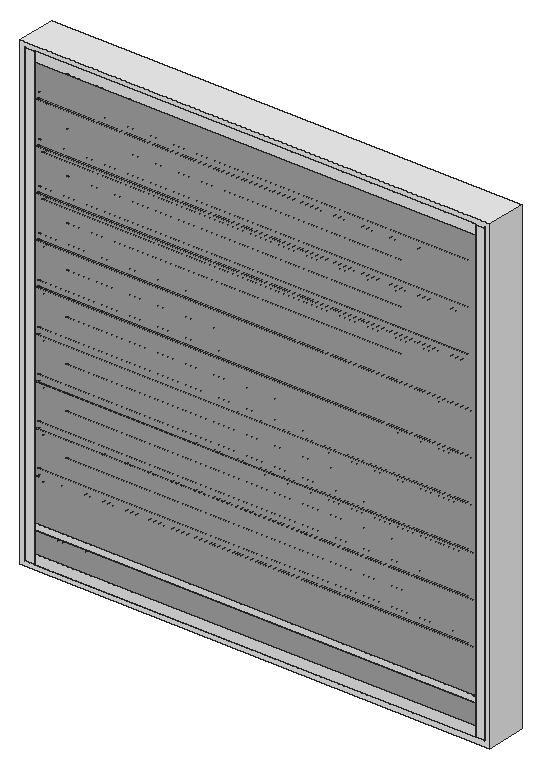
Revit family
Parameters (values of type "Louver_Non-Drnable_EFJ-445_All-Lite")
  URL = "http://www.alllite-louvers.com"
  Specifications = "http://www.alllite-louvers.com/catalog/AEFJ-445-csi-specification.doc"
  Spacing = 0.417 ft
  SmartBIM Object Version = 3  # constant formula
  SmartBIM Object Created By = "Reed Construction Data"  # constant formula
  Shim Thickness = 0.042 ft
  Screen Width = Width - (2 * Shim Thickness) - 2 * 0.083333 ft  # 3.749333 ft
  Screen Height = Height - (2 * Shim Thickness) - 2 * 0.098958 ft  # 3.718083 ft
  Screen = Aluminum
  Rough Width = 0.0 ft
  Rough Height = 0.0 ft
  Product URL = "http://www.alllite-louvers.com/catalog.php?model=EFJ-445"
  Pressure Loss (in.wg.) = "0.08"  # constant formula
  OmniClass Title = "Exterior Louvers and Grilles"  # constant formula
  OmniClass Code = "23-60 11 17"  # constant formula
  Model Number = "EFJ-445"  # constant formula
  Minimum Size = "4.5\" x 10\""
  Maximum Size - Single Section = "60\" x 120\" or 120\" x 60\""
  Maximum Size - Multiple Section = "Unlimited"
  Manufacturer = "All-Lite"  # constant formula
  Louver Width = Width - (2 * Shim Thickness) - 0.166667 ft  # 3.749333 ft
  Louver = Mill finish, 6063-T5 Extruded Aluminum
  Installation = "http://www.alllite-louvers.com/catalog/Installation.pdf"
  Height = 4.0 ft
  Free Area for 48”x48” Louver = "50.0%"
  Free Area Velocity (fpm) = "689"  # constant formula
  Free Area (ft²) for 48"x48" Louver = 8.0 ft
  Frame = Mill finish, 6063-T5 Extruded Aluminum
  Default Sill Height = 3.0 ft
  Wall Closure = (empty or 0)
  Width = 4.0 ft
  Cut Sheet = "http://www.alllite-louvers.com/catalog/AEFJ445.pdf"
  Assembly Code = "B2010300"
  Air Volume Delivered (cfm) = "5,549"  # constant formula
  95 CSI = "10200 "  # constant formula
  04 CSI = "08 91 00"  # constant formula
  # of Louvers = (Height - 0.25 ft) / (Spacing)  # 9
Reference planes (ft)
  plane 1 "Center (Front/Back)": y = 0
  plane 2: z = 0.291667
  plane 3 "Center (Left/Right)": x = 0
  plane 4 "Left": x = -2
  plane 5 "Right": x = 2
  plane 6 "Sill": z = 3.291667
  plane 7 "Top": z = 7.291667
  plane 8: x = -1.958
  plane 9: x = 1.958
  plane 10: z = 7.249667
  plane 11: z = 3.333667
  plane 12: z = 5.291667
  plane 13: z = 3.642437
  plane 14: z = 6.9355
  plane 15: z = 6.513839
Forms (ft)
  Sweep 1, solid, material "Mill finish, 6063-T5 Extruded Aluminum" <- "Frame"
    path origin (-5, 0.25, 0) x (-1, 0, 0) y (0, 0, 1)
      loop
        line (-6.874667, 7.249667) -> (-3.125333, 7.249667)
    profile "Head Horizontal Mullion : Head Horizontal Mullion" origin (0, 0.25, 7.249667) x (0, 0, 1) y (0, 1, 0)
      loop
        arc (-0.070516, -0.250143) -> (-0.066098, -0.250275) -> (-0.065966, -0.245857) r 0.003125
        arc (-0.065966, -0.245857) -> (-0.072458, -0.24206) -> (-0.079973, -0.242379) r 0.013333
        arc (-0.079973, -0.242379) -> (-0.082687, -0.24204) -> (-0.084094, -0.239694) r 0.003125
        line (-0.084094, -0.239694) -> (-0.091772, -0.151927) -> (-0.077226, -0.00675) -> (-0.00675, -0.00675) -> (-0.00675, -0.03125) -> (0, -0.03125) -> (0, 0) -> (-0.083333, 0) -> (-0.098239, -0.148762)
        arc (-0.098239, -0.148762) -> (-0.100294, -0.151392) -> (-0.103551, -0.150667) r 0.003125
        line (-0.103551, -0.150667) -> (-0.252247, -0.002871)
        arc (-0.252247, -0.002871) -> (-0.255444, -0.000746) -> (-0.259209, 0) r 0.009875
        line (-0.259209, 0) -> (-0.315786, 0)
        arc (-0.315786, 0) -> (-0.319161, -0.003375) -> (-0.315786, -0.00675) r 0.003375
        line (-0.315786, -0.00675) -> (-0.25792, -0.00675) -> (-0.203148, -0.06119)
        arc (-0.203148, -0.06119) -> (-0.202259, -0.06386) -> (-0.203876, -0.066162) r 0.003125
        arc (-0.203876, -0.066162) -> (-0.205688, -0.067329) -> (-0.207288, -0.068774) r 0.013333
        arc (-0.207288, -0.068774) -> (-0.207157, -0.073191) -> (-0.202739, -0.07306) r 0.003125
        arc (-0.202739, -0.07306) -> (-0.1905, -0.077917) -> (-0.202739, -0.082774) r 0.007083
        arc (-0.202739, -0.082774) -> (-0.207157, -0.082642) -> (-0.207288, -0.08706) r 0.003125
        arc (-0.207288, -0.08706) -> (-0.195788, -0.091129) -> (-0.18579, -0.084138) r 0.013333
        arc (-0.18579, -0.084138) -> (-0.183498, -0.082507) -> (-0.180823, -0.08338) r 0.003125
        line (-0.180823, -0.08338) -> (-0.099031, -0.164677)
        arc (-0.099031, -0.164677) -> (-0.097676, -0.166602) -> (-0.097065, -0.168876) r 0.00675
        line (-0.097065, -0.168876) -> (-0.082677, -0.333333) -> (0, -0.333333) -> (0, -0.302083) -> (-0.00675, -0.302083) -> (-0.00675, -0.326583) -> (-0.076492, -0.326583) -> (-0.081308, -0.271536)
        arc (-0.081308, -0.271536) -> (-0.08033, -0.268982) -> (-0.077716, -0.268176) r 0.003125
        arc (-0.077716, -0.268176) -> (-0.071343, -0.267611) -> (-0.065966, -0.264143) r 0.013333
        arc (-0.065966, -0.264143) -> (-0.066098, -0.259725) -> (-0.070516, -0.259857) r 0.003125
        arc (-0.070516, -0.259857) -> (-0.082755, -0.255) -> (-0.070516, -0.250143) r 0.007083
  Sweep 2, solid, material "Mill finish, 6063-T5 Extruded Aluminum" <- "Frame"
    path origin (-5, 0.25, 0) x (-1, 0, 0) y (0, 0, 1)
      loop
        line (-6.958, 3.333667) -> (-6.958, 7.249667)
    profile "Vertical Mullion : Vertical Mullion" origin (1.958, 0.25, 5.291667) x (1, 0, 0) y (0, 1, 0)
      loop
        line (-0.010417, -0.010417) -> (-0.010417, -0.041667) -> (0, -0.041667) -> (0, 0) -> (-0.083333, 0) -> (-0.083333, -0.333247) -> (0, -0.333247) -> (0, -0.291581) -> (-0.010417, -0.291581) -> (-0.010417, -0.322831) -> (-0.072917, -0.322831) -> (-0.072917, -0.010417) -> (-0.010417, -0.010417)
  Sweep 3, solid, material "Mill finish, 6063-T5 Extruded Aluminum" <- "Frame"
    path origin (5, 0.25, 0) x (1, 0, 0) y (0, 0, -1)
      loop
        line (-6.958, -3.333667) -> (-6.958, -7.249667)
    profile "Vertical Mullion : Vertical Mullion" origin (-1.958, 0.25, 5.291667) x (1, 0, 0) y (0, 1, 0)
      loop
        line (0.010417, -0.010417) -> (0.072917, -0.010417) -> (0.072917, -0.322831) -> (0.010417, -0.322831) -> (0.010417, -0.291581) -> (0, -0.291581) -> (0, -0.333247) -> (0.083333, -0.333247) -> (0.083333, 0) -> (0, 0) -> (0, -0.041667) -> (0.010417, -0.041667) -> (0.010417, -0.010417)
  Sweep 4, solid, material "Mill finish, 6063-T5 Extruded Aluminum" <- "Frame"
    path origin (-5, 0.25, 0) x (-1, 0, 0) y (0, 0, 1)
      loop
        line (-3, 7.291667) -> (-7, 7.291667) -> (-7, 3.291667) -> (-3, 3.291667) -> (-3, 7.291667)
    profile origin (-2, 0.25, 5.291667) x (0, 1, 0) y (-1, 0, 0)
      loop
        line (0, 0) -> (-0.333333, 0) -> (-0.333333, -0.042) -> (0, -0.042) -> (0, 0)
  Extrusion 5, solid, material "Aluminum" <- "Screen"
    sketch origin (1.385417, 0.0075, 7.25) x (-1, 0, 0) y (0, 0, -1)
      loop
        line (3.260083, 0.000333) -> (3.260083, 3.916333) -> (-0.48925, 3.916333) -> (-0.48925, 0.000333) -> (3.260083, 0.000333)
    from 0.080331 to 0.090833
  Sweep 6, solid, material "Mill finish, 6063-T5 Extruded Aluminum" <- "Frame"
    path origin (-5, 0.25, 0) x (-1, 0, 0) y (0, 0, 1)
      loop
        line (-6.874667, 3.333667) -> (-3.125333, 3.333667)
    profile "Horizontal Mullion : Horizontal Mullion" origin (0, 0.25, 3.333667) x (0, 0, 1) y (0, 1, 0)
      loop
        arc (0.070516, -0.07569) -> (0.066098, -0.075559) -> (0.065966, -0.079976) r 0.003125
        arc (0.065966, -0.079976) -> (0.072458, -0.083774) -> (0.079973, -0.083454) r 0.013333
        arc (0.079973, -0.083454) -> (0.082687, -0.083794) -> (0.084094, -0.086139) r 0.003125
        line (0.084094, -0.086139) -> (0.091772, -0.173906) -> (0.076474, -0.326583) -> (0.00675, -0.326583) -> (0.00675, -0.302083) -> (0, -0.302083) -> (0, -0.333333) -> (0.082582, -0.333333) -> (0.098239, -0.177072)
        arc (0.098239, -0.177072) -> (0.100294, -0.174442) -> (0.103551, -0.175167) r 0.003125
        line (0.103551, -0.175167) -> (0.262682, -0.333333) -> (0.31669, -0.333333)
        arc (0.31669, -0.333333) -> (0.319191, -0.329563) -> (0.315786, -0.326583) r 0.003436
        line (0.315786, -0.326583) -> (0.265466, -0.326583) -> (0.203148, -0.264643)
        arc (0.203148, -0.264643) -> (0.202259, -0.261974) -> (0.203876, -0.259672) r 0.003125
        arc (0.203876, -0.259672) -> (0.205688, -0.258504) -> (0.207288, -0.25706) r 0.013333
        arc (0.207288, -0.25706) -> (0.207157, -0.252642) -> (0.202739, -0.252774) r 0.003125
        arc (0.202739, -0.252774) -> (0.1905, -0.247917) -> (0.202739, -0.24306) r 0.007083
        arc (0.202739, -0.24306) -> (0.207157, -0.243191) -> (0.207288, -0.238774) r 0.003125
        arc (0.207288, -0.238774) -> (0.195788, -0.234705) -> (0.18579, -0.241695) r 0.013333
        arc (0.18579, -0.241695) -> (0.183498, -0.243326) -> (0.180823, -0.242454) r 0.003125
        line (0.180823, -0.242454) -> (0.099031, -0.161157)
        arc (0.099031, -0.161157) -> (0.097676, -0.159231) -> (0.097065, -0.156958) r 0.00675
        line (0.097065, -0.156958) -> (0.083333, 0) -> (0, 0) -> (0, -0.03125) -> (0.00675, -0.03125) -> (0.00675, -0.00675) -> (0.077148, -0.00675) -> (0.081308, -0.054297)
        arc (0.081308, -0.054297) -> (0.08033, -0.056852) -> (0.077716, -0.057658) r 0.003125
        arc (0.077716, -0.057658) -> (0.071343, -0.058222) -> (0.065966, -0.06169) r 0.013333
        arc (0.065966, -0.06169) -> (0.066098, -0.066108) -> (0.070516, -0.065976) r 0.003125
        arc (0.070516, -0.065976) -> (0.082755, -0.070833) -> (0.070516, -0.07569) r 0.007083
Cuts and joins
  joined: Sweep 2, Sweep 3
Lines and regions (ft)
  Opening 1
    outline origin (-5, -0.25, 0) x (1, 0, 0) y (0, 0, 1)
      loop
        line (3, 7.291667) -> (3, 3.291667) -> (7, 3.291667) -> (7, 7.291667) -> (3, 7.291667)
  Masking region 1, detail levels fine
    outline origin (0, 0, 0) x (1, 0, 0) y (0, 1, 0)
      loop
        line (-1.958, 0.208333) -> (-1.947583, 0.208333) -> (-1.947583, 0.239583) -> (-1.885083, 0.239583) -> (-1.885083, -0.072831) -> (-1.947583, -0.072831) -> (-1.947583, -0.041581) -> (-1.958, -0.041581) -> (-1.958, -0.083333) -> (-1.874667, -0.083333) -> (-1.874667, 0.25) -> (-1.958, 0.25) -> (-1.958, 0.208333)
      loop
        line (1.947583, 0.208333) -> (1.958, 0.208333) -> (1.958, 0.25) -> (1.874667, 0.25) -> (1.874667, -0.083333) -> (1.958, -0.083333) -> (1.958, -0.041581) -> (1.947583, -0.041581) -> (1.947583, -0.072831) -> (1.885083, -0.072831) -> (1.885083, 0.239583) -> (1.947583, 0.239583) -> (1.947583, 0.208333)
  Masking region 2, detail levels coarse+medium
    outline origin (0, 0, 0) x (1, 0, 0) y (0, 1, 0)
      loop
        line (-2, 0.25) -> (-2, -0.083247) -> (-1.874667, -0.083247) -> (-1.874667, 0.25) -> (-2, 0.25)
      loop
        line (2, 0.25) -> (1.874667, 0.25) -> (1.874667, -0.083247) -> (2, -0.083247) -> (2, 0.25)
Text (ft)
  text "EXTERIOR" at (-4.890733, 4.242245, 0), in view "Ref. Level"
  text "INTERIOR" at (-4.890733, -3.147199, 0), in view "Ref. Level"
  text "Exterior" at (0, 3.638026, 10.266337), in view "Left"
  text "Exterior" at (0, 1.524487, 10.420622), in view "Right"
Dimensions and locks (ft)
  equal spacing: plane 4 "Left", plane 3 "Center (Left/Right)", plane 5 "Right"
  "Width": plane 4 "Left" to plane 5 "Right"
  "Height": plane 6 "Sill" to plane 7 "Top"
  "Default Sill Height": plane 2 to plane 6 "Sill"
  "Shim Thickness": plane 4 "Left" to plane 8
  "Shim Thickness": plane 9 to plane 5 "Right"
  "Shim Thickness": plane 10 to plane 7 "Top"
  "Shim Thickness": plane 6 "Sill" to plane 11
  equal spacing: plane 11, plane 12, plane 10
  Sweep 4 to Sweep 4 = 0.333333 ft
  locked: plane 11 to plane 13 at 0.30877
  locked: plane 14 to plane 10 at 0.314167
  equal spacing: group 1, group 3, group 4, group 5, group 6, group 7, group 8, group 9, group 2  (x2)
  equal spacing: group 2, group 9, group 8, group 7, group 6, group 5, group 4, group 3, group 1
  locked: plane 15 to plane 14 at 0.421661
  aligned and locked: plane 7 "Top" to Opening 1 sketch curve
  aligned and locked: plane 6 "Sill" to Opening 1 sketch curve  (x2)
  aligned and locked: plane 5 "Right" to Opening 1 sketch curve
  aligned and locked: plane 4 "Left" to Opening 1 sketch curve
  aligned and locked: plane 10 to Sweep 1 sketch curve
  aligned and locked: plane 9 to Sweep 2 sketch curve
  aligned and locked: Sweep 3 sketch curve to plane 8
  aligned and locked: Sweep 4 sketch curve to plane 4 "Left"
  aligned and locked: Sweep 4 sketch curve to plane 7 "Top"
  aligned and locked: Sweep 4 sketch curve to plane 6 "Sill"
  aligned and locked: Sweep 4 sketch curve to plane 5 "Right"
  aligned and locked: Sweep 4 sketch curve to host wall  (x2)
  aligned and locked: plane 8 to Sweep 4 sketch curve
  aligned and locked: plane 10 to Sweep 3 sketch curve
  aligned and locked: profile plane to host wall
  aligned and locked: Sweep 1 sketch curve to cut or joined group of Sweep 2, Sweep 3  (x2)
  aligned and locked: plane 11 to Sweep 3 sketch curve
  aligned and locked: plane 11 to Sweep 2 sketch curve
  aligned and locked: cut or joined group of Sweep 2, Sweep 3 to Sweep 6 sketch curve  (x3)
  aligned and locked: Sweep 4 to nested 1
  aligned and locked: Sweep 4 to nested 2
  aligned and locked: nested 2 to plane 13
  aligned and locked: plane 15 to nested 1
  aligned and locked: Extrusion 5 to plane 11
  aligned and locked: cut or joined group of Sweep 2, Sweep 3 to Extrusion 5
  aligned and locked: Sweep 4 to Extrusion 5
  aligned and locked: Sweep 4 to Extrusion 5 sketch curve
  aligned and locked: Masking region 1 sketch curve to cut or joined group of Sweep 2, Sweep 3  (x14)
  aligned and locked: Sweep 4 to Masking region 1 sketch curve  (x6)
  aligned and locked: Masking region 1 sketch curve to Sweep 6  (x2)
  aligned and locked: Masking region 1 sketch curve to Sweep 4
  aligned and locked: Masking region 2 sketch curve to host wall  (x3)
  aligned and locked: cut or joined group of Sweep 2, Sweep 3 to Masking region 2 sketch curve
  aligned and locked: Masking region 2 sketch curve to cut or joined group of Sweep 2, Sweep 3  (x3)
  aligned and locked: host wall to Masking region 2 sketch curve
Automatic sketch dimensions
  Sweep 2 sketch curve to plane 10 = 0.0 ft
  plane 9 to Extrusion 5 sketch curve = 0.083333 ft
  plane 8 to Extrusion 5 sketch curve = 0.083333 ft
  Extrusion 5 sketch curve to plane 11 = 0.0 ft
  Masking region 1 sketch curve to plane 8 = 0.0 ft  (x2)
  Masking region 1 sketch curve to plane 9 = 0.0 ft
Nested families (ft)
  nested 1: "Louver Single" at (0, 0.169271, 6.513839), type "Louver"
  nested 2: "Louver Single" at (0, 0.169271, 3.642437), type "Louver"
  nested 3: "Louver Single" at (0, 0.169271, 6.154914), type "Louver"
  nested 4: "Louver Single" at (0, 0.169271, 5.795989), type "Louver"
  nested 5: "Louver Single" at (0, 0.169271, 5.437064), type "Louver"
  nested 6: "Louver Single" at (0, 0.169271, 5.078138), type "Louver"
  nested 7: "Louver Single" at (0, 0.169271, 4.719213), type "Louver"
  nested 8: "Louver Single" at (0, 0.169271, 4.360288), type "Louver"
  nested 9: "Louver Single" at (0, 0.169271, 4.001362), type "Louver"
Connectors (ft)
  hvac at (0, -0.083333, 5.291667), driven by "Screen Height", driven by "Screen Width"
    settings: on Extrusion 5, index 1
Definition of nested family "Louver Single"
  Parameters (values of type "Louver")
    Louver Length = 3.75 ft
    Depth = 0.333333 ft
    Louver Single = yes
    Louver = none
    Assembly Code = ""
  Reference planes (ft)
    plane 1 "Center (Front/Back)": y = -0.085938
    plane 2: z = 0
    plane 3 "Center (Left/Right)": x = 0
    plane 4: x = -1.875
    plane 5: x = 1.875
    plane 6: z = 0.443763
    plane 7: y = -0.245104
  Forms (ft)
    Extrusion 1, solid, material <- "Louver"
      sketch origin (0, -0.281689, -0.518989) x (0, 1, 0) y (0, 0, 1)
        loop
          line (0.30751, 0.626851) -> (0.351025, 0.583336)
          arc (0.351025, 0.583336) -> (0.351747, 0.582255) -> (0.352001, 0.580979) r 0.003333
          line (0.352001, 0.580979) -> (0.352001, 0.524197)
          arc (0.352001, 0.524197) -> (0.357209, 0.518989) -> (0.362418, 0.524197) r 0.005208
          line (0.362418, 0.524197) -> (0.362418, 0.5845)
          arc (0.362418, 0.5845) -> (0.362018, 0.586509) -> (0.36088, 0.588212) r 0.00525
          line (0.36088, 0.588212) -> (0.126386, 0.822707)
          arc (0.126386, 0.822707) -> (0.124009, 0.828112) -> (0.124379, 0.834006) r 0.0125
          arc (0.124379, 0.834006) -> (0.125187, 0.835321) -> (0.126527, 0.836089) r 0.003125
          arc (0.126527, 0.836089) -> (0.128785, 0.838524) -> (0.127628, 0.841636) r 0.003167
          line (0.127628, 0.841636) -> (0.065437, 0.890195)
          arc (0.065437, 0.890195) -> (0.063949, 0.892031) -> (0.063418, 0.894333) r 0.00525
          line (0.063418, 0.894333) -> (0.063418, 0.93508)
          arc (0.063418, 0.93508) -> (0.061892, 0.938763) -> (0.058209, 0.940289) r 0.005208
          line (0.058209, 0.940289) -> (0.041793, 0.940289)
          arc (0.041793, 0.940289) -> (0.03811, 0.938763) -> (0.036584, 0.93508) r 0.005208
          line (0.036584, 0.93508) -> (0.036584, 0.922289) -> (0.043334, 0.922289) -> (0.043334, 0.933539) -> (0.053959, 0.933539)
          arc (0.053959, 0.933539) -> (0.055875, 0.932746) -> (0.056668, 0.93083) r 0.002708
          line (0.056668, 0.93083) -> (0.056668, 0.89208)
          arc (0.056668, 0.89208) -> (0.055875, 0.890165) -> (0.053959, 0.889372) r 0.002708
          line (0.053959, 0.889372) -> (0.043334, 0.889372) -> (0.043334, 0.900622) -> (0.036584, 0.900622) -> (0.036584, 0.88783)
          arc (0.036584, 0.88783) -> (0.03811, 0.884148) -> (0.041793, 0.882622) r 0.005208
          line (0.041793, 0.882622) -> (0.056403, 0.882622)
          arc (0.056403, 0.882622) -> (0.058111, 0.882336) -> (0.059634, 0.88151) r 0.00525
          line (0.059634, 0.88151) -> (0.113125, 0.839744)
          arc (0.113125, 0.839744) -> (0.114183, 0.838242) -> (0.114229, 0.836404) r 0.003167
          arc (0.114229, 0.836404) -> (0.113453, 0.831855) -> (0.113604, 0.827243) r 0.022917
          arc (0.113604, 0.827243) -> (0.113088, 0.825046) -> (0.11124, 0.823751) r 0.003167
          arc (0.11124, 0.823751) -> (0.103862, 0.818859) -> (0.101174, 0.810425) r 0.013333
          arc (0.101174, 0.810425) -> (0.10439, 0.807394) -> (0.107421, 0.810611) r 0.003125
          arc (0.107421, 0.810611) -> (0.11951, 0.815831) -> (0.11429, 0.803742) r 0.007083
          arc (0.11429, 0.803742) -> (0.111073, 0.800712) -> (0.114104, 0.797495) r 0.003125
          arc (0.114104, 0.797495) -> (0.12063, 0.798981) -> (0.125612, 0.803452) r 0.013333
          arc (0.125612, 0.803452) -> (0.127905, 0.804834) -> (0.130426, 0.803934) r 0.003125
          line (0.130426, 0.803934) -> (0.284697, 0.649664)
          arc (0.284697, 0.649664) -> (0.285596, 0.647143) -> (0.284214, 0.64485) r 0.003125
          arc (0.284214, 0.64485) -> (0.279743, 0.639868) -> (0.278257, 0.633341) r 0.013333
          arc (0.278257, 0.633341) -> (0.281474, 0.630311) -> (0.284504, 0.633528) r 0.003125
          arc (0.284504, 0.633528) -> (0.296593, 0.638748) -> (0.291373, 0.626659) r 0.007083
          arc (0.291373, 0.626659) -> (0.288157, 0.623628) -> (0.291187, 0.620412) r 0.003125
          arc (0.291187, 0.620412) -> (0.297714, 0.621898) -> (0.302696, 0.626369) r 0.013333
          arc (0.302696, 0.626369) -> (0.304988, 0.627751) -> (0.30751, 0.626851) r 0.003125
      from -1.875 to 1.875
  Dimensions and locks (ft)
    equal spacing: plane 4, plane 3 "Center (Left/Right)", plane 5
    "Louver Length": plane 4 to plane 5
    aligned and locked: Extrusion 1 to plane 4
    aligned and locked: plane 5 to Extrusion 1
    aligned: plane 7 to Extrusion 1
  Automatic sketch dimensions
    Extrusion 1 sketch curve to Extrusion 1 sketch curve = 0.0 ft  (x27)
    plane 6 to Extrusion 1 sketch curve = 0.06213 ft
    plane 1 "Center (Front/Back)" to Extrusion 1 sketch curve = 0.159167 ft
    plane 6 to Extrusion 1 sketch curve = 0.040463 ft
    Extrusion 1 sketch curve to Extrusion 1 sketch curve = 0.005208 ft  (x3)
    Extrusion 1 sketch curve to Extrusion 1 sketch curve = 0.00675 ft  (x2)
    Extrusion 1 sketch curve to Extrusion 1 sketch curve = 0.001542 ft  (x2)
    Extrusion 1 sketch curve to Extrusion 1 sketch curve = 0.010625 ft  (x2)
    plane 6 to Extrusion 1 sketch curve = 0.029213 ft
    plane 6 to Extrusion 1 sketch curve = 0.031921 ft
    Extrusion 1 sketch curve to Extrusion 1 sketch curve = 0.002443 ft
    Extrusion 1 sketch curve to Extrusion 1 sketch curve = 0.00425 ft
    Extrusion 1 sketch curve to Extrusion 1 sketch curve = 0.003231 ft  (x2)
    plane 6 to Extrusion 1 sketch curve = 0.081242 ft
    Extrusion 1 sketch curve to Extrusion 1 sketch curve = 0.002019 ft
    plane 6 to Extrusion 1 sketch curve = 0.072557 ft
    Extrusion 1 sketch curve to Extrusion 1 sketch curve = 0.044771 ft
    Extrusion 1 sketch curve to Extrusion 1 sketch curve = 0.003124 ft  (x3)
    Extrusion 1 sketch curve to Extrusion 1 sketch curve = 0.003045 ft
    Extrusion 1 sketch curve to Extrusion 1 sketch curve = 0.00071 ft
    Extrusion 1 sketch curve to Extrusion 1 sketch curve = 0.000774 ft
    Extrusion 1 sketch curve to Extrusion 1 sketch curve = 0.001949 ft  (x2)
    Extrusion 1 sketch curve to Extrusion 1 sketch curve = 0.003138 ft
    Extrusion 1 sketch curve to Extrusion 1 sketch curve = 0.000093 ft  (x4)
    Extrusion 1 sketch curve to Extrusion 1 sketch curve = 0.003052 ft
    Extrusion 1 sketch curve to Extrusion 1 sketch curve = 0.0013 ft
    Extrusion 1 sketch curve to Extrusion 1 sketch curve = 0.002006 ft
    Extrusion 1 sketch curve to Extrusion 1 sketch curve = 0.002148 ft
    plane 6 to Extrusion 1 sketch curve = 0.121115 ft
    Extrusion 1 sketch curve to Extrusion 1 sketch curve = 0.00221 ft  (x6)
    Extrusion 1 sketch curve to Extrusion 1 sketch curve = 0.15004 ft
    Extrusion 1 sketch curve to Extrusion 1 sketch curve = 0.001106 ft
    Extrusion 1 sketch curve to Extrusion 1 sketch curve = 0.001727 ft  (x3)
    Extrusion 1 sketch curve to Extrusion 1 sketch curve = 0.000211 ft
    level to Extrusion 1 sketch curve = 0.107862 ft
    Extrusion 1 sketch curve to Extrusion 1 sketch curve = 0.043368 ft
    level to Extrusion 1 sketch curve = 0.064347 ft
    Extrusion 1 sketch curve to Extrusion 1 sketch curve = 0.000976 ft
    level to Extrusion 1 sketch curve = 0.069223 ft
    Extrusion 1 sketch curve to Extrusion 1 sketch curve = 0.001538 ft
    Extrusion 1 sketch curve to Extrusion 1 sketch curve = 0.002357 ft
    level to Extrusion 1 sketch curve = 0.005208 ft
    Extrusion 1 sketch curve to Extrusion 1 sketch curve = 0.003712 ft
    Extrusion 1 sketch curve to Extrusion 1 sketch curve = 0.003071 ft
    Extrusion 1 sketch curve to Extrusion 1 sketch curve = 0.007591 ft
    Extrusion 1 sketch curve to Extrusion 1 sketch curve = 0.000927 ft
    Extrusion 1 sketch curve to Extrusion 1 sketch curve = 0.002496 ft  (x2)
    Extrusion 1 sketch curve to Extrusion 1 sketch curve = 0.004138 ft
    plane 6 to Extrusion 1 sketch curve = 0.027671 ft
